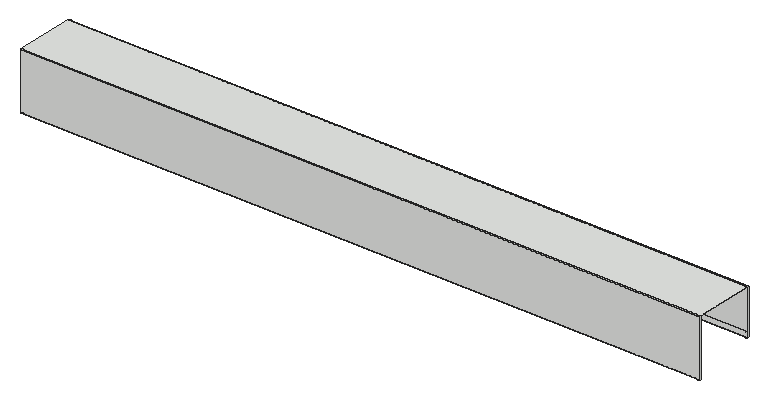
Revit family "profiles PR642 2015", category Generic Models, Revit 2015
Parameters (values of type "ISOLAMIN PR642 flashing")
  Profile Length [instance] = 1180 mm
Reference planes
  plane 1 "Center (Front/Back)": y = 0
  plane 2: z = 0
  plane 3 "Center (Left/Right)": x = 0
  plane 4: x = 1180
Forms (mm)
  Extrusion 1, solid, material "ISOLAMIN Surface Material"
    sketch origin (0, 60.648, -39.306) x (0, 1, 0) y (0, 0, 1)
      loop
        arc (-60.649, 138.306) -> (-60.941, 139.013) -> (-61.649, 139.306) r 1
        line (-61.649, 139.306) -> (-164.648, 139.306)
        arc (-164.648, 139.306) -> (-165.355, 139.013) -> (-165.648, 138.306) r 1
        line (-165.648, 138.306) -> (-165.648, 40.05)
        arc (-165.648, 40.05) -> (-164.648, 39.306) -> (-163.648, 40.05) r 1.044
        line (-163.648, 40.05) -> (-163.648, 48.606) -> (-164.648, 48.606) -> (-164.648, 138.306) -> (-61.649, 138.306) -> (-61.649, 68.606) -> (-62.649, 68.606) -> (-62.649, 60.05)
        arc (-62.649, 60.05) -> (-61.649, 59.306) -> (-60.649, 60.05) r 1.044
        line (-60.649, 60.05) -> (-60.649, 138.306)
    from 0 to 1180
Dimensions and locks
  "Profile Length": plane 3 "Center (Left/Right)" to plane 4
  aligned and locked: level to plane 2
  aligned and locked: plane 4 to Extrusion 1
Automatic sketch dimensions
  plane 1 "Center (Front/Back)" to Extrusion 1 sketch curve = 1 mm
  Extrusion 1 sketch curve to Extrusion 1 sketch curve = 1 mm  (x5)
  level to Extrusion 1 sketch curve = 20.744 mm
  Extrusion 1 sketch curve to Extrusion 1 sketch curve = 0.3 mm  (x2)
  Extrusion 1 sketch curve to Extrusion 1 sketch curve = 8.256 mm  (x2)
  Extrusion 1 sketch curve to Extrusion 1 sketch curve = 69.7 mm
  Extrusion 1 sketch curve to Extrusion 1 sketch curve = 0 mm  (x4)
  level to Extrusion 1 sketch curve = 1.044 mm
  Extrusion 1 sketch curve to Extrusion 1 sketch curve = 102 mm
